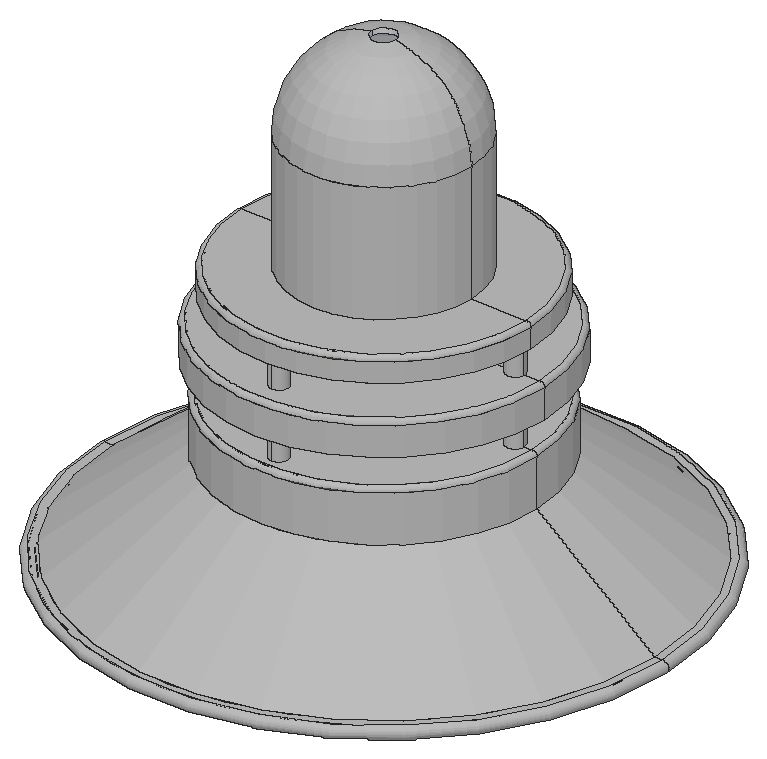
Revit family "L112 SHADE", category Lighting Fixtures, Revit 2024
Family settings
  Round Connector Dimension = Use Diameter
  Part Type = Normal
  OmniClass Number = 23.80.70.00
  OmniClass Title = Lighting
  Work Plane-Based = No
  Always vertical = Yes
  Cut with Voids When Loaded = No
  Light Source = Yes
  Maintain Annotation Orientation = No
  Shared = No
  Room Calculation Point = No
Parameters
  Wattage = 12.1178 W
  built-in parameter 1150110 = 1 (stored number, unit not read)
  built-in parameter 1114217 = 1 (stored number, unit not read)
  built-in parameter 1150109 = 1 (stored number, unit not read)
  built-in parameter 1150134 = (empty or 0)
  built-in parameter 1150113 = 1 (stored number, unit not read)
  Lumens = 1800 lm
  built-in parameter 1150115 = 1 (stored number, unit not read)
  built-in parameter 1150105 = 572.96 (stored number, unit not read)
  Light Source Symbol Size = 2' - 0"
  built-in parameter 1150137 = (empty or 0)
  built-in parameter 1150139 = (empty or 0)
  built-in parameter 1150112 = 1 (stored number, unit not read)
  built-in parameter 1150114 = 1 (stored number, unit not read)
  built-in parameter 1150132 = 2
  built-in parameter 1150102 = (empty or 0)
  built-in parameter 1150138 = (empty or 0)
  built-in parameter 1150107 = 3000 (stored number, unit not read)
  built-in parameter 1150106 = 5.7296 (stored number, unit not read)
  built-in parameter 1150104 = 13.8 (stored number, unit not read)
  Dimming Lamp Color Temperature Shift = (empty or 0)
  Default Elevation = 0' - 0"
  Color Filter = 16777215
  built-in parameter 1114218 = 1 (stored number, unit not read)
  built-in parameter 1150133 = 10 (stored number, unit not read)
Reference planes (in)
  plane 1 "Light Source Axis (F/B)": y = 0
  plane 2: z = 0
  plane 3 "Light Source Axis (L/R)": x = 0
  plane 4 "Light Source Elevation": z = 54
Forms (in)
  Revolve 1, solid
    sketch origin (0, 0, 0) x (1, 0, 0) y (0, 0, 1)
      loop
        line (-5.75397, 54.15625) -> (-5.68123, 54.15625) -> (-3.1325, 56.12573) -> (-3.1325, 57.15674) -> (-2.14731, 57.15674) -> (-2.14731, 57.25049) -> (-3.12625, 57.25049)
        arc (-3.12625, 57.25049) -> (-3.19696, 57.2212) -> (-3.22625, 57.15049) r 0.1
        line (-3.22625, 57.15049) -> (-3.22625, 56.17177) -> (-5.71324, 54.25) -> (-5.875, 54.25)
        arc (-5.875, 54.25) -> (-5.95155, 54.02618) -> (-5.75397, 54.15625) r 0.125
      loop
        line (-3.38733, 57.91135) -> (-3.29358, 57.91135) -> (-3.29358, 58.5176) -> (-2.14731, 58.5176) -> (-2.14731, 58.61135) -> (-3.28733, 58.61135)
        arc (-3.28733, 58.61135) -> (-3.35804, 58.58206) -> (-3.38733, 58.51135) r 0.1
        line (-3.38733, 58.51135) -> (-3.38733, 57.91135)
      loop
        line (-3.1, 59.15423) -> (-3.00625, 59.15423) -> (-3.00625, 59.56048) -> (-1.75625, 59.56048) -> (-1.75625, 62.15)
        arc (-1.75625, 62.15) -> (-1.3273, 63.30008) -> (-0.25, 63.88837) r 1.75625
        line (-0.25, 63.88837) -> (-0.25, 63.98303)
        arc (-0.25, 63.98303) -> (-1.39374, 63.36655) -> (-1.85, 62.15) r 1.85
        line (-1.85, 62.15) -> (-1.85, 59.65423) -> (-3, 59.65423)
        arc (-3, 59.65423) -> (-3.07071, 59.62494) -> (-3.1, 59.55423) r 0.1
        line (-3.1, 59.55423) -> (-3.1, 59.15423)
      loop
        line (0, 53.24878) -> (0, 53.34253)
        arc (0, 53.34253) -> (-1.06508, 53.7837) -> (-1.50625, 54.84878) r 1.50625
        line (-1.50625, 54.84878) -> (-1.50625, 59.34878) -> (-1.6, 59.34878) -> (-1.6, 54.84878)
        arc (-1.6, 54.84878) -> (-1.13137, 53.71741) -> (0, 53.24878) r 1.6
      axis (0, 63.98303) -> (0, 53.24878)
    angle from 0 to 360
  Sweep 2, solid
    path origin (0, 0, 0) x (1, 0, 0) y (0, 0, 1)
      loop
        line (-2.76936, 57.25049) -> (-2.76936, 59.56048)
    profile origin (-2.76936, 0, 58.40549) x (-1, 0, 0) y (0, -1, 0)
      loop
        circle (0, 0) r 0.1875
  Sweep 3, solid
    path origin (0, 0, 0) x (0, -1, 0) y (0, 0, 1)
      loop
        line (-2.76936, 57.25049) -> (-2.76936, 59.56048)
    profile origin (0, 2.76936, 58.40549) x (0, 1, 0) y (-1, 0, 0)
      loop
        circle (0, 0) r 0.1875
  Sweep 4, solid
    path origin (0, 0, 0) x (0, 1, 0) y (0, 0, 1)
      loop
        line (-2.76936, 57.25049) -> (-2.76936, 59.56048)
    profile origin (0, -2.76936, 58.40549) x (0, -1, 0) y (1, 0, 0)
      loop
        circle (0, 0) r 0.1875
  Sweep 5, solid
    path origin (0, 0, 0) x (-1, 0, 0) y (0, 0, 1)
      loop
        line (-2.76936, 57.25049) -> (-2.76936, 59.56048)
    profile origin (2.76936, 0, 58.40549) x (1, 0, 0) y (0, 1, 0)
      loop
        circle (0, 0) r 0.1875
Dimensions and locks (in)
  aligned and locked: plane 3 "Light Source Axis (L/R)" to imposter light
  aligned and locked: plane 1 "Light Source Axis (F/B)" to imposter light
  aligned and locked: plane 4 "Light Source Elevation" to imposter light
  aligned and locked: level to plane 2
